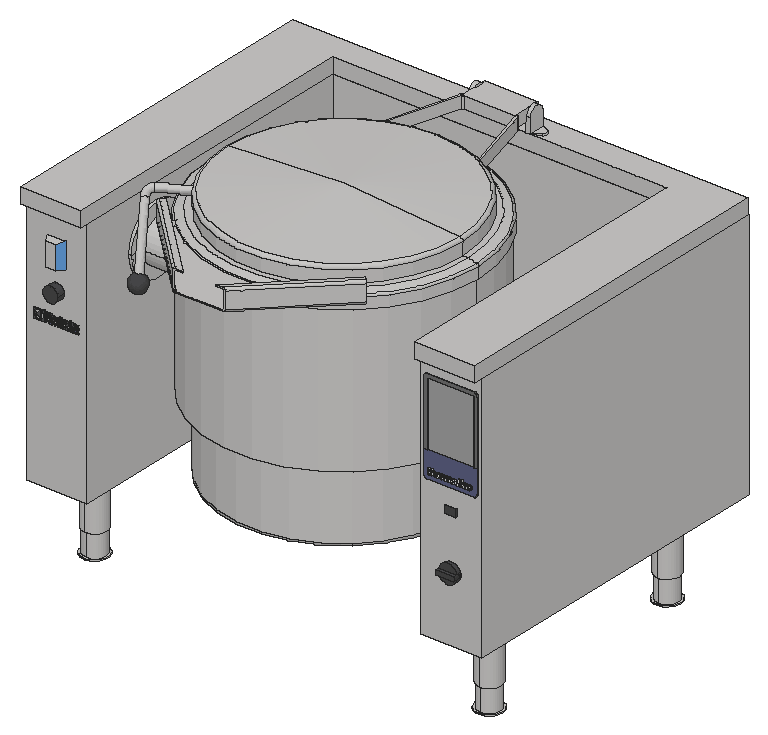
Revit family "QF_ELECTROLUXPROFESSIONAL_587158_PBOT10RCIO", category Attrezzature speciali, Revit 2020 (continued)
Definition of nested family "QF_ELECTROLUXPROFESSIONAL_PBOT900_LEFT"
  Automatic sketch dimensions
    Extrusion 5 sketch curve to plane 10 "TOP" = 290.598 mm
    Extrusion 5 sketch curve to Extrusion 5 sketch curve = 1.476 mm
    Extrusion 5 sketch curve to plane 10 "TOP" = 294.635 mm
    Extrusion 5 sketch curve to Extrusion 5 sketch curve = 1.469 mm
    Extrusion 5 sketch curve to Extrusion 5 sketch curve = 3.728 mm
    Extrusion 5 sketch curve to Extrusion 5 sketch curve = 0.046 mm
    Extrusion 5 sketch curve to Extrusion 5 sketch curve = 0.177 mm
    Extrusion 5 sketch curve to Extrusion 5 sketch curve = 0.947 mm
    Extrusion 5 sketch curve to Extrusion 5 sketch curve = 0.308 mm
    Extrusion 5 sketch curve to Extrusion 5 sketch curve = 0.091 mm
    Extrusion 5 sketch curve to Extrusion 5 sketch curve = 2.375 mm
    Extrusion 5 sketch curve to Extrusion 5 sketch curve = 0.94 mm
    Extrusion 5 sketch curve to Extrusion 5 sketch curve = 0.54 mm
    Extrusion 5 sketch curve to Extrusion 5 sketch curve = 0.102 mm
    Extrusion 5 sketch curve to Extrusion 5 sketch curve = 0.002 mm  (x4)
    Extrusion 5 sketch curve to Extrusion 5 sketch curve = 0.105 mm
    Extrusion 5 sketch curve to Extrusion 5 sketch curve = 0.097 mm
    Extrusion 5 sketch curve to Extrusion 5 sketch curve = 3.982 mm
    Extrusion 5 sketch curve to Extrusion 5 sketch curve = 0.17 mm
    Extrusion 5 sketch curve to Extrusion 5 sketch curve = 6.49 mm
    Extrusion 5 sketch curve to Extrusion 5 sketch curve = 1.777 mm
    Extrusion 5 sketch curve to plane 10 "TOP" = 296.072 mm
    Extrusion 5 sketch curve to Extrusion 5 sketch curve = 0.63 mm
    Extrusion 5 sketch curve to Extrusion 5 sketch curve = 1.001 mm
    Extrusion 5 sketch curve to plane 10 "TOP" = 294.678 mm
    Extrusion 5 sketch curve to Extrusion 5 sketch curve = 1.393 mm
    Extrusion 5 sketch curve to Extrusion 5 sketch curve = 2.363 mm
    Extrusion 5 sketch curve to Extrusion 5 sketch curve = 2.253 mm
    Extrusion 5 sketch curve to Extrusion 5 sketch curve = 0.014 mm  (x4)
    Extrusion 5 sketch curve to Extrusion 5 sketch curve = 0.172 mm
    Extrusion 5 sketch curve to Extrusion 5 sketch curve = 0.096 mm
    Extrusion 5 sketch curve to Extrusion 5 sketch curve = 0.164 mm
    Extrusion 5 sketch curve to Extrusion 5 sketch curve = 0.298 mm
    Extrusion 5 sketch curve to Extrusion 5 sketch curve = 0.247 mm
    Extrusion 5 sketch curve to Extrusion 5 sketch curve = 0.084 mm
    Extrusion 5 sketch curve to Extrusion 5 sketch curve = 6.484 mm
    Extrusion 5 sketch curve to Extrusion 5 sketch curve = 2.596 mm
    Extrusion 5 sketch curve to Extrusion 5 sketch curve = 0.059 mm  (x2)
    Extrusion 5 sketch curve to Extrusion 5 sketch curve = 3.889 mm
    Extrusion 5 sketch curve to plane 10 "TOP" = 307.979 mm
    Extrusion 5 sketch curve to Extrusion 5 sketch curve = 6.029 mm
    Extrusion 5 sketch curve to plane 10 "TOP" = 305.988 mm
    Extrusion 5 sketch curve to Extrusion 5 sketch curve = 0.929 mm
    Extrusion 5 sketch curve to Extrusion 5 sketch curve = 1.102 mm
    Extrusion 5 sketch curve to Extrusion 5 sketch curve = 0.756 mm  (x2)
    Extrusion 5 sketch curve to plane 10 "TOP" = 306.353 mm
    Extrusion 5 sketch curve to Extrusion 5 sketch curve = 0.852 mm
    Extrusion 5 sketch curve to Extrusion 5 sketch curve = 0.108 mm
    Extrusion 5 sketch curve to Extrusion 5 sketch curve = 0.101 mm
    Extrusion 5 sketch curve to Extrusion 5 sketch curve = 0.072 mm
    Extrusion 5 sketch curve to Extrusion 5 sketch curve = 1.67 mm
    Extrusion 5 sketch curve to Extrusion 5 sketch curve = 1.834 mm
    Extrusion 5 sketch curve to Extrusion 5 sketch curve = 0.366 mm
    Extrusion 5 sketch curve to Extrusion 5 sketch curve = 0.993 mm
    Extrusion 5 sketch curve to Extrusion 5 sketch curve = 0.81 mm
    Extrusion 5 sketch curve to Extrusion 5 sketch curve = 1.026 mm  (x2)
    Extrusion 5 sketch curve to Extrusion 5 sketch curve = 4.272 mm
    Extrusion 5 sketch curve to Extrusion 5 sketch curve = 0.163 mm
    Extrusion 5 sketch curve to Extrusion 5 sketch curve = 0.551 mm
    Extrusion 5 sketch curve to Extrusion 5 sketch curve = 6.11 mm
    Extrusion 5 sketch curve to Extrusion 5 sketch curve = 1.451 mm
    Extrusion 5 sketch curve to Extrusion 5 sketch curve = 5.217 mm
    Extrusion 5 sketch curve to Extrusion 5 sketch curve = 0.045 mm  (x2)
    Extrusion 5 sketch curve to Extrusion 5 sketch curve = 0.241 mm
    Extrusion 5 sketch curve to Extrusion 5 sketch curve = 0.039 mm
    Extrusion 5 sketch curve to Extrusion 5 sketch curve = 1.134 mm
    Extrusion 5 sketch curve to Extrusion 5 sketch curve = 2.351 mm
    Extrusion 5 sketch curve to Extrusion 5 sketch curve = 3.993 mm
    Extrusion 5 sketch curve to Extrusion 5 sketch curve = 10.128 mm
    Extrusion 5 sketch curve to Extrusion 5 sketch curve = 0.956 mm
    Extrusion 5 sketch curve to Extrusion 5 sketch curve = 1.263 mm
    Extrusion 5 sketch curve to Extrusion 5 sketch curve = 2.577 mm
    Extrusion 5 sketch curve to Extrusion 5 sketch curve = 0.243 mm
    Extrusion 5 sketch curve to Extrusion 5 sketch curve = 0.031 mm
    Extrusion 5 sketch curve to Extrusion 5 sketch curve = 7.148 mm
    Extrusion 5 sketch curve to Extrusion 5 sketch curve = 1.502 mm
    Extrusion 5 sketch curve to Extrusion 5 sketch curve = 11.54 mm
    Extrusion 5 sketch curve to Extrusion 5 sketch curve = 11.758 mm
    Extrusion 5 sketch curve to Extrusion 5 sketch curve = 4.097 mm
    Extrusion 5 sketch curve to Extrusion 5 sketch curve = 0.011 mm
    Extrusion 5 sketch curve to Extrusion 5 sketch curve = 4.488 mm
    Extrusion 5 sketch curve to Extrusion 5 sketch curve = 11.908 mm
    Extrusion 5 sketch curve to Extrusion 5 sketch curve = 2.236 mm
    Extrusion 5 sketch curve to Extrusion 5 sketch curve = 0.22 mm
    Extrusion 5 sketch curve to Extrusion 5 sketch curve = 0.319 mm
    Extrusion 5 sketch curve to Extrusion 5 sketch curve = 1.192 mm
    Extrusion 5 sketch curve to Extrusion 5 sketch curve = 3.577 mm  (x2)
    Extrusion 5 sketch curve to Extrusion 5 sketch curve = 3.444 mm  (x2)
    Extrusion 5 sketch curve to Extrusion 5 sketch curve = 1.626 mm  (x2)
    Extrusion 5 sketch curve to Extrusion 5 sketch curve = 2.021 mm
    Extrusion 5 sketch curve to Extrusion 5 sketch curve = 2.967 mm
    Extrusion 5 sketch curve to Extrusion 5 sketch curve = 1.22 mm
    Extrusion 5 sketch curve to Extrusion 5 sketch curve = 3.412 mm
    Extrusion 5 sketch curve to Extrusion 5 sketch curve = 0.892 mm  (x3)
    Extrusion 5 sketch curve to Extrusion 5 sketch curve = 0.58 mm  (x2)
    Extrusion 5 sketch curve to Extrusion 5 sketch curve = 2.117 mm
    Extrusion 5 sketch curve to Extrusion 5 sketch curve = 0.295 mm  (x2)
    Extrusion 5 sketch curve to Extrusion 5 sketch curve = 0.618 mm
    Extrusion 5 sketch curve to Extrusion 5 sketch curve = 1.65 mm
    Extrusion 5 sketch curve to Extrusion 5 sketch curve = 1.662 mm
    Extrusion 5 sketch curve to Extrusion 5 sketch curve = 0.013 mm  (x2)
    Extrusion 5 sketch curve to Extrusion 5 sketch curve = 0.292 mm
    Extrusion 5 sketch curve to Extrusion 5 sketch curve = 0.107 mm  (x2)
    Extrusion 5 sketch curve to Extrusion 5 sketch curve = 0.068 mm  (x2)
    Extrusion 5 sketch curve to Extrusion 5 sketch curve = 2.361 mm
    Extrusion 5 sketch curve to Extrusion 5 sketch curve = 2.359 mm
    Extrusion 5 sketch curve to Extrusion 5 sketch curve = 0.531 mm  (x2)
    Extrusion 5 sketch curve to Extrusion 5 sketch curve = 0.928 mm  (x2)
    Extrusion 5 sketch curve to Extrusion 5 sketch curve = 1.058 mm
    Extrusion 5 sketch curve to Extrusion 5 sketch curve = 0.297 mm  (x2)
    Extrusion 5 sketch curve to Extrusion 5 sketch curve = 0.155 mm  (x2)
    Extrusion 5 sketch curve to Extrusion 5 sketch curve = 0.182 mm  (x2)
    Extrusion 5 sketch curve to Extrusion 5 sketch curve = 0.607 mm  (x2)
    Extrusion 5 sketch curve to Extrusion 5 sketch curve = 0.372 mm  (x2)
    Extrusion 5 sketch curve to Extrusion 5 sketch curve = 0.016 mm  (x2)
    Extrusion 5 sketch curve to Extrusion 5 sketch curve = 0.996 mm
    Extrusion 5 sketch curve to Extrusion 5 sketch curve = 0.93 mm
    Extrusion 5 sketch curve to Extrusion 5 sketch curve = 0.709 mm  (x2)
    Extrusion 5 sketch curve to Extrusion 5 sketch curve = 1.017 mm
    Extrusion 5 sketch curve to Extrusion 5 sketch curve = 4.718 mm
    Extrusion 5 sketch curve to Extrusion 5 sketch curve = 0.891 mm
    Extrusion 5 sketch curve to Extrusion 5 sketch curve = 3.826 mm
    Extrusion 5 sketch curve to Extrusion 5 sketch curve = 0.954 mm
    Extrusion 5 sketch curve to Extrusion 5 sketch curve = 5.576 mm
    Extrusion 5 sketch curve to Extrusion 5 sketch curve = 5.661 mm  (x2)
    Extrusion 5 sketch curve to Extrusion 5 sketch curve = 0.006 mm
    Extrusion 5 sketch curve to Extrusion 5 sketch curve = 2.203 mm
    Extrusion 5 sketch curve to Extrusion 5 sketch curve = 2.21 mm
    Extrusion 5 sketch curve to Extrusion 5 sketch curve = 1.607 mm
    Extrusion 5 sketch curve to Extrusion 5 sketch curve = 3.92 mm
    Extrusion 5 sketch curve to Extrusion 5 sketch curve = 0.05 mm
    Extrusion 5 sketch curve to Extrusion 5 sketch curve = 1.776 mm
    Extrusion 5 sketch curve to Extrusion 5 sketch curve = 4.017 mm
    Extrusion 5 sketch curve to Extrusion 5 sketch curve = 0.196 mm  (x2)
    Extrusion 5 sketch curve to Extrusion 5 sketch curve = 0.19 mm
    Extrusion 5 sketch curve to Extrusion 5 sketch curve = 1.312 mm
    Extrusion 5 sketch curve to Extrusion 5 sketch curve = 0.146 mm
    Extrusion 5 sketch curve to Extrusion 5 sketch curve = 2.831 mm
    Extrusion 5 sketch curve to Extrusion 5 sketch curve = 0.387 mm
    Extrusion 5 sketch curve to Extrusion 5 sketch curve = 0.174 mm
    Extrusion 5 sketch curve to Extrusion 5 sketch curve = 4.623 mm
    Extrusion 5 sketch curve to Extrusion 5 sketch curve = 1.754 mm
    Extrusion 5 sketch curve to Extrusion 5 sketch curve = 0.188 mm
    Extrusion 5 sketch curve to Extrusion 5 sketch curve = 0.02 mm
    Extrusion 5 sketch curve to Extrusion 5 sketch curve = 0.313 mm
    Extrusion 5 sketch curve to Extrusion 5 sketch curve = 0.12 mm
    Extrusion 5 sketch curve to Extrusion 5 sketch curve = 0.062 mm
    Extrusion 5 sketch curve to Extrusion 5 sketch curve = 0.568 mm
    Extrusion 5 sketch curve to Extrusion 5 sketch curve = 0.095 mm
    Extrusion 5 sketch curve to Extrusion 5 sketch curve = 0.357 mm
    Extrusion 5 sketch curve to Extrusion 5 sketch curve = 0.008 mm
    Extrusion 5 sketch curve to Extrusion 5 sketch curve = 0.36 mm
    Extrusion 5 sketch curve to Extrusion 5 sketch curve = 3.784 mm
    Extrusion 5 sketch curve to Extrusion 5 sketch curve = 1.654 mm
    Extrusion 5 sketch curve to Extrusion 5 sketch curve = 1.454 mm
    Extrusion 5 sketch curve to Extrusion 5 sketch curve = 3.429 mm
    Extrusion 5 sketch curve to Extrusion 5 sketch curve = 1.094 mm
    Extrusion 5 sketch curve to Extrusion 5 sketch curve = 2.218 mm
    Extrusion 5 sketch curve to Extrusion 5 sketch curve = 1.404 mm
    Extrusion 5 sketch curve to Extrusion 5 sketch curve = 5.959 mm
    Extrusion 5 sketch curve to Extrusion 5 sketch curve = 1.424 mm
    Extrusion 5 sketch curve to Extrusion 5 sketch curve = 3.23 mm
    Extrusion 5 sketch curve to Extrusion 5 sketch curve = 1.975 mm
    Extrusion 5 sketch curve to Extrusion 5 sketch curve = 3.779 mm
    Extrusion 5 sketch curve to Extrusion 5 sketch curve = 2.212 mm
    Extrusion 5 sketch curve to Extrusion 5 sketch curve = 3.78 mm
    Extrusion 5 sketch curve to Extrusion 5 sketch curve = 1.279 mm
    Extrusion 5 sketch curve to Extrusion 5 sketch curve = 1.343 mm  (x2)
    Extrusion 5 sketch curve to Extrusion 5 sketch curve = 1.353 mm  (x2)
    Extrusion 5 sketch curve to Extrusion 5 sketch curve = 0.027 mm  (x2)
    Extrusion 5 sketch curve to Extrusion 5 sketch curve = 0.395 mm  (x2)
    Extrusion 5 sketch curve to Extrusion 5 sketch curve = 0.329 mm  (x2)
    Extrusion 5 sketch curve to Extrusion 5 sketch curve = 0.425 mm  (x2)
    Extrusion 5 sketch curve to Extrusion 5 sketch curve = 0.051 mm  (x2)
    Extrusion 5 sketch curve to Extrusion 5 sketch curve = 0.495 mm  (x2)
    Extrusion 5 sketch curve to Extrusion 5 sketch curve = 0.267 mm  (x2)
    Extrusion 5 sketch curve to Extrusion 5 sketch curve = 1.4 mm
    Extrusion 5 sketch curve to Extrusion 5 sketch curve = 5.233 mm
    Extrusion 5 sketch curve to Extrusion 5 sketch curve = 2.062 mm
    Extrusion 6 sketch curve to plane 13 "HW_CW" = 0.0 mm  (x2)
    Extrusion 6 sketch curve to plane 15 = 0.0 mm
    Extrusion 6 sketch curve to plane 14 = 0.0 mm
    radius of Extrusion 2 sketch curve = 20.0 mm
    radius of Extrusion 3 sketch curve = 6.35 mm  (x2)
    radius of Extrusion 5 sketch curve = 2.453 mm
    radius of Extrusion 5 sketch curve = 1.557 mm
    radius of Extrusion 5 sketch curve = 1.468 mm
    radius of Extrusion 5 sketch curve = 2.451 mm
    radius of Extrusion 6 sketch curve = 5.0 mm  (x2)
Definition of nested family "QF_ELECTROLUXPROFESSIONAL_PBOT900_RIGHT"
  Parameters
    Width = 160.0 mm
    Right = Width / 2  # 80.0 mm
    Default Elevation = 0.0 mm
    Left = -Width / 2  # -80.0 mm
    Htop = 40.0 mm
    Height = 900.0 mm
    HBase = 200.0 mm
    EI_z = 250.0 mm
    EI_y = 239.0 mm
    Depth = 900.0 mm
    BorderFront = 20.0 mm
    Body Finish [instance] = none
  Reference planes
    plane 1 "Center (Front/Back)": y = 0
    plane 2: z = 0
    plane 3 "Center (Left/Right)": x = 0
    plane 4 "LEFT": x = -80
    plane 5 "RIGHT": x = 80
    plane 6 "BACK": y = 450
    plane 7 "FRONT": y = -450
    plane 8 "Base": z = 200
    plane 9 "TOP": z = 900
    plane 10 "BorderFront": y = -430
    plane 11: z = 860
    plane 12 "EI": z = 450
    plane 13: y = 211
  Forms (mm)
    Extrusion 1, solid
      sketch origin (0, 0, 0) x (1, 0, 0) y (0, 1, 0)
        loop
          line (-80, 450) -> (-80, -430) -> (80, -430) -> (80, 450) -> (-80, 450)
      from 860 to 200
    Extrusion 2, solid
      sketch origin (0, -430, 0) x (-1, 0, 0) y (0, 0, 1)
        loop
          line (59.714, 823.989) -> (-61.821, 823.989)
          arc (-61.821, 823.989) -> (-68.892, 821.06) -> (-71.821, 813.989) r 10
          line (-71.821, 813.989) -> (-71.821, 644.744) -> (-61.821, 644.744) -> (-61.821, 813.989) -> (59.714, 813.989) -> (59.714, 644.744) -> (69.714, 644.744) -> (69.714, 813.989)
          arc (69.714, 813.989) -> (66.786, 821.06) -> (59.714, 823.989) r 10
      from 0 to -3
    Extrusion 3, solid
      sketch origin (0, -430, 0) x (-1, 0, 0) y (0, 0, 1)
        loop
          circle (0, 375.28) r 25
      from 0 to -10
    Extrusion 4, solid
      sketch origin (0, -430, 0) x (-1, 0, 0) y (0, 0, 1)
        loop
          line (24.382, 380.806) -> (-24.382, 380.806)
          arc (-24.382, 380.806) -> (-25, 375.28) -> (-24.382, 369.753) r 25
          line (-24.382, 369.753) -> (24.382, 369.753)
          arc (24.382, 369.753) -> (25, 375.28) -> (24.382, 380.806) r 25
      from 0 to -20
    Extrusion 5, solid
      sketch origin (0, -430, 0) x (-1, 0, 0) y (0, 0, 1)
        loop
          line (69.714, 585) -> (69.714, 644.744) -> (-71.821, 644.744) -> (-71.821, 585)
          arc (-71.821, 585) -> (-68.892, 577.929) -> (-61.821, 575) r 10
          line (-61.821, 575) -> (59.714, 575)
          arc (59.714, 575) -> (66.786, 577.929) -> (69.714, 585) r 10
      from -3 to 0
    Extrusion 6, solid
      sketch origin (234.714, -430, 0) x (-1, 0, 0) y (0, 0, 1)
        loop
          line (294.429, 813.989) -> (172.894, 813.989) -> (172.894, 644.744) -> (294.429, 644.744) -> (294.429, 813.989)
      from 0 to -3
    Extrusion 7, solid
      sketch origin (0, -430, 0) x (-1, 0, 0) y (0, 0, 1)
        loop
          line (15, 530) -> (-15, 530) -> (-15, 510) -> (15, 510) -> (15, 530)
      from -1.6 to 0
    Extrusion 8, solid
      sketch origin (0, 450, 0) x (-1, 0, 0) y (0, 0, 1)
        loop
          circle (0, 450) r 5
      from 0 to 2
    Extrusion 9, solid
      sketch origin (0, 0, 200) x (0, 1, 0) y (-1, 0, 0)
        loop
          circle (211, 0) r 10
      from 0 to -3
  Lines and regions (mm)
    symbolic lines
      curve 1: line (-80, 450, 0) -> (80, 450, 0)
      curve 2: line (80, 450, 0) -> (80, -430, 0)
  Dimensions and locks
    "Width": plane 4 "LEFT" to plane 5 "RIGHT"
    equal spacing: plane 4 "LEFT", plane 3 "Center (Left/Right)", plane 5 "RIGHT"
    equal spacing: plane 6 "BACK", plane 1 "Center (Front/Back)", plane 7 "FRONT"
    "Depth": plane 6 "BACK" to plane 7 "FRONT"
    "BorderFront": plane 10 "BorderFront" to plane 7 "FRONT"
    "Htop": plane 9 "TOP" to plane 11
    "Height": plane 9 "TOP" to level
    "HBase": plane 8 "Base" to level
    Extrusion 4 sketch curve to Extrusion 4 sketch curve = 11.053 mm
    "EI_y": plane 6 "BACK" to plane 13
    "EI_z": plane 12 "EI" to plane 8 "Base"
    aligned and locked: level to plane 2
    aligned and locked: plane 10 "BorderFront" to Extrusion 1 sketch curve
    aligned and locked: plane 11 to Extrusion 1
    aligned and locked: Extrusion 1 to plane 8 "Base"
    aligned and locked: plane 4 "LEFT" to Extrusion 1 sketch curve
    aligned and locked: Extrusion 1 sketch curve to plane 5 "RIGHT"
    aligned and locked: Extrusion 1 sketch curve to plane 6 "BACK"
  Automatic sketch dimensions
    Extrusion 3 sketch curve to plane 3 "Center (Left/Right)" = 0.0 mm
    plane 8 "Base" to Extrusion 3 sketch curve = 175.28 mm
    Extrusion 4 sketch curve to Extrusion 4 sketch curve = 0.0 mm  (x3)
    Extrusion 4 sketch curve to plane 3 "Center (Left/Right)" = 0.0 mm
    plane 3 "Center (Left/Right)" to Extrusion 4 sketch curve = 24.382 mm
    Extrusion 4 sketch curve to plane 3 "Center (Left/Right)" = 24.382 mm
    plane 8 "Base" to Extrusion 4 sketch curve = 169.753 mm
    Extrusion 2 sketch curve to plane 5 "RIGHT" = 8.179 mm
    Extrusion 2 sketch curve to Extrusion 2 sketch curve = 10.0 mm  (x2)
    Extrusion 2 sketch curve to Extrusion 2 sketch curve = 0.0 mm  (x4)
    plane 4 "LEFT" to Extrusion 2 sketch curve = 20.286 mm
    Extrusion 2 sketch curve to plane 11 = 215.256 mm
    Extrusion 2 sketch curve to plane 11 = 46.011 mm
    Extrusion 5 sketch curve to plane 5 "RIGHT" = 8.179 mm
    plane 4 "LEFT" to Extrusion 5 sketch curve = 20.286 mm
    plane 4 "LEFT" to Extrusion 5 sketch curve = 10.286 mm
    Extrusion 5 sketch curve to plane 11 = 285.0 mm
    Extrusion 5 sketch curve to Extrusion 5 sketch curve = 59.744 mm
    Extrusion 5 sketch curve to Extrusion 5 sketch curve = 10.0 mm
    plane 4 "LEFT" to Extrusion 6 sketch curve = 20.286 mm
    Extrusion 6 sketch curve to plane 11 = 46.011 mm
    Extrusion 6 sketch curve to plane 5 "RIGHT" = 18.179 mm
    Extrusion 6 sketch curve to Extrusion 6 sketch curve = 169.244 mm
    Extrusion 8 sketch curve to plane 3 "Center (Left/Right)" = 0.0 mm
    Extrusion 8 sketch curve to plane 12 "EI" = 0.0 mm
    curve 1 to plane 4 "LEFT" = 0.0 mm
    curve 1 to plane 5 "RIGHT" = 0.0 mm
    curve 2 to plane 10 "BorderFront" = 0.0 mm
    curve 1 to plane 6 "BACK" = 0.0 mm
    plane 3 "Center (Left/Right)" to Extrusion 7 sketch curve = 15.0 mm
    Extrusion 7 sketch curve to plane 3 "Center (Left/Right)" = 15.0 mm
    plane 12 "EI" to Extrusion 7 sketch curve = 60.0 mm
    Extrusion 7 sketch curve to Extrusion 7 sketch curve = 20.0 mm
    Extrusion 9 sketch curve to plane 3 "Center (Left/Right)" = 0.0 mm
    Extrusion 9 sketch curve to plane 13 = 0.0 mm
    radius of Extrusion 3 sketch curve = 25.0 mm
    radius of Extrusion 8 sketch curve = 5.0 mm
    radius of Extrusion 9 sketch curve = 10.0 mm
  Nested families
    nested 1: "ELX_ThermaLine" at (-0.906, -433, 593.675) x (1, 0, 0) z (0, -1, 0), type "ELX_ThermaLine"
      with Show Logo yes, Material_Logo none
  Definition of nested family "ELX_ThermaLine"
    Parameters
      Show Logo [instance] = yes
      Material_Logo [instance] = none
      Default Elevation = 0.0 mm
    Reference planes
      plane 1 "Centro (Fronte/Retro)": y = 0
      plane 2: z = 0
      plane 3 "Centro (Sinistra/Destra)": x = 0
    Forms (mm)
      Extrusion 1, solid
        sketch origin (0, 0, 0) x (1, 0, 0) y (0, 1, 0)
          loop
            line (-1219.2, 1219.2) -> (-1219.2, -1219.2) -> (1219.2, -1219.2) -> (1219.2, 1219.2) -> (-1219.2, 1219.2)
        from 0 to -304.8
      Extrusion 2, solid
        sketch origin (0, 0, 0) x (1, 0, 0) y (0, 1, 0)
          loop
            line (-52.84, 4.345) -> (-50.793, 4.345) -> (-50.793, 6.716) -> (-52.84, 6.716) -> (-52.84, 10.788) -> (-55.901, 9.058) -> (-55.901, 6.716) -> (-57.324, 6.716) -> (-57.324, 4.345) -> (-55.901, 4.345) -> (-55.901, -1.637)
            arc (-55.901, -1.637) -> (-54.76, -4.355) -> (-51.88, -4.985) r 3.198
            line (-51.88, -4.985) -> (-50.444, -4.597) -> (-50.782, -2.189) -> (-51.765, -2.453)
            arc (-51.765, -2.453) -> (-52.506, -2.305) -> (-52.84, -1.628) r 0.854
            line (-52.84, -1.628) -> (-52.84, 4.345)
          loop
            line (-48.642, 11.198) -> (-48.642, -4.787) -> (-45.561, -4.787) -> (-45.561, 2.659)
            arc (-45.561, 2.659) -> (-44.379, 4.372) -> (-42.304, 4.523) r 2.408
            arc (-42.304, 4.523) -> (-41.484, 3.75) -> (-41.182, 2.665) r 2.099
            line (-41.182, 2.665) -> (-41.182, -4.787) -> (-38.117, -4.787) -> (-38.088, 2.166)
            arc (-38.088, 2.166) -> (-38.343, 3.963) -> (-39.021, 5.646) r 7.517
            arc (-39.021, 5.646) -> (-42.369, 6.971) -> (-45.561, 5.303) r 4.327
            line (-45.561, 5.303) -> (-45.561, 11.198) -> (-48.642, 11.198)
          loop
            arc (-28.196, 1.988) -> (-28.834, 3.893) -> (-30.683, 4.679) r 2.449
            arc (-30.683, 4.679) -> (-32.149, 3.674) -> (-32.711, 1.988) r 2.793
            line (-32.711, 1.988) -> (-28.196, 1.988)
          loop
            arc (-25.128, 0.121) -> (-26.074, 4.342) -> (-29.545, 6.923) r 6.212
            arc (-29.545, 6.923) -> (-33.021, 6.358) -> (-35.352, 3.718) r 5.232
            arc (-35.352, 3.718) -> (-35.918, 1.148) -> (-35.633, -1.468) r 8.117
            arc (-35.633, -1.468) -> (-34.524, -3.319) -> (-32.789, -4.603) r 5.523
            arc (-32.789, -4.603) -> (-28.402, -4.744) -> (-25.297, -1.641) r 5.523
            line (-25.297, -1.641) -> (-28.327, -1.106)
            arc (-28.327, -1.106) -> (-29.324, -2.396) -> (-30.951, -2.501) r 1.982
            arc (-30.951, -2.501) -> (-32.276, -1.475) -> (-32.789, 0.121) r 2.835
            line (-32.789, 0.121) -> (-25.128, 0.121)
          loop
            line (-22.733, -4.787) -> (-19.705, -4.787) -> (-19.705, 0)
            arc (-19.705, 0) -> (-19.663, 1.267) -> (-19.469, 2.521) r 10.557
            arc (-19.469, 2.521) -> (-18.189, 4.014) -> (-16.237, 3.761) r 2.069
            line (-16.237, 3.761) -> (-15.318, 6.433)
            arc (-15.318, 6.433) -> (-17.915, 6.783) -> (-19.931, 5.11) r 3.262
            line (-19.931, 5.11) -> (-19.931, 6.752) -> (-22.733, 6.752) -> (-22.733, -4.787)
          loop
            line (-14.233, 6.752) -> (-14.233, -4.787) -> (-11.135, -4.787) -> (-11.135, 1.783)
            arc (-11.135, 1.783) -> (-10.552, 3.635) -> (-8.862, 4.59) r 2.646
            arc (-8.862, 4.59) -> (-7.677, 3.931) -> (-7.234, 2.65) r 1.899
            line (-7.234, 2.65) -> (-7.234, -4.787) -> (-4.155, -4.787) -> (-4.155, 1.467)
            arc (-4.155, 1.467) -> (-3.845, 2.923) -> (-2.97, 4.128) r 3.581
            arc (-2.97, 4.128) -> (-1.581, 4.474) -> (-0.516, 3.516) r 1.525
            arc (-0.516, 3.516) -> (-0.324, 2.735) -> (-0.304, 1.931) r 3.735
            line (-0.304, 1.931) -> (-0.304, -4.787) -> (2.776, -4.787) -> (2.776, 3.096)
            arc (2.776, 3.096) -> (1.833, 5.68) -> (-0.612, 6.942) r 3.784
            arc (-0.612, 6.942) -> (-2.795, 6.596) -> (-4.513, 5.205) r 4.271
            arc (-4.513, 5.205) -> (-5.893, 6.457) -> (-7.686, 6.964) r 4.079
            arc (-7.686, 6.964) -> (-9.75, 6.555) -> (-11.39, 5.237) r 4.412
            line (-11.39, 5.237) -> (-11.39, 6.752) -> (-14.233, 6.752)
          loop
            line (5.334, 3.712) -> (8.069, 3.23)
            arc (8.069, 3.23) -> (10.312, 4.685) -> (12.137, 2.73) r 2.082
            line (12.137, 2.73) -> (8.171, 1.741)
            arc (8.171, 1.741) -> (6.593, 1.022) -> (5.378, -0.215) r 4.758
            arc (5.378, -0.215) -> (5.225, -1.991) -> (5.744, -3.697) r 4.711
            arc (5.744, -3.697) -> (7.301, -4.682) -> (9.118, -4.992) r 4.691
            arc (9.118, -4.992) -> (10.903, -4.593) -> (12.411, -3.558) r 4.818
            line (12.411, -3.558) -> (12.81, -4.787) -> (15.873, -4.787) -> (15.179, -2.652) -> (15.179, 3.25)
            arc (15.179, 3.25) -> (14.773, 5.146) -> (13.38, 6.496) r 3.336
            arc (13.38, 6.496) -> (10.765, 7.201) -> (8.091, 6.773) r 6.459
            arc (8.091, 6.773) -> (6.348, 5.57) -> (5.334, 3.712) r 4.569
          loop
            line (21.001, -4.787) -> (24.24, -4.787) -> (27.623, 11.127) -> (24.384, 11.127) -> (21.001, -4.787)
          loop
            line (27.273, -4.787) -> (30.332, -4.787) -> (32.777, 6.716) -> (29.718, 6.716) -> (27.273, -4.787)
          loop
            line (30.656, 11.127) -> (30.058, 8.314) -> (33.117, 8.314) -> (33.715, 11.127) -> (30.656, 11.127)
          loop
            line (33.431, -4.787) -> (36.649, -4.787) -> (38.261, 2.796)
            arc (38.261, 2.796) -> (39.644, 4.445) -> (41.791, 4.594) r 2.751
            arc (41.791, 4.594) -> (42.425, 3.729) -> (42.502, 2.659) r 1.936
            line (42.502, 2.659) -> (40.919, -4.787) -> (43.989, -4.787) -> (45.795, 3.712)
            arc (45.795, 3.712) -> (45.588, 5.458) -> (44.361, 6.716) r 2.734
            arc (44.361, 6.716) -> (41.222, 6.857) -> (38.516, 5.259) r 5.512
            line (38.516, 5.259) -> (38.826, 6.716) -> (35.876, 6.716) -> (33.431, -4.787)
          loop
            line (50.773, 1.934) -> (55.672, 1.934)
            arc (55.672, 1.934) -> (55.737, 2.919) -> (55.334, 3.821) r 2.051
            arc (55.334, 3.821) -> (53.773, 4.722) -> (52.024, 4.287) r 2.407
            arc (52.024, 4.287) -> (51.223, 3.203) -> (50.773, 1.934) r 4.566
          loop
            line (50.479, 0) -> (58.259, 0)
            arc (58.259, 0) -> (58.241, 3.53) -> (56.181, 6.396) r 5.8
            arc (56.181, 6.396) -> (52.577, 6.992) -> (49.395, 5.199) r 5.498
            arc (49.395, 5.199) -> (47.819, 2.372) -> (47.536, -0.853) r 7.747
            arc (47.536, -0.853) -> (48.406, -3.006) -> (50.236, -4.437) r 4.494
            arc (50.236, -4.437) -> (52.672, -4.934) -> (55.109, -4.437) r 6.224
            arc (55.109, -4.437) -> (56.76, -3.346) -> (57.916, -1.739) r 5.478
            line (57.916, -1.739) -> (55.129, -1.247)
            arc (55.129, -1.247) -> (53.897, -2.495) -> (52.149, -2.637) r 2.52
            arc (52.149, -2.637) -> (50.809, -1.638) -> (50.479, 0) r 2.336
          loop
            line (12.154, 0.755) -> (8.732, -0.098)
            arc (8.732, -0.098) -> (8.126, -1.288) -> (8.732, -2.478) r 1.471
            arc (8.732, -2.478) -> (10.437, -2.725) -> (11.827, -1.706) r 2.276
            arc (11.827, -1.706) -> (12.142, -0.496) -> (12.154, 0.755) r 5.123
        from 0 to 1.6
    Dimensions and locks
      aligned and locked: plane 2 to Extrusion 1
      aligned and locked: level to Extrusion 1
Definition of nested family "QF_ELECTROLUXPROFESSIONAL_2FEET_THL_120xH200"
  Parameters
    Width = 120.0 mm
    Right = Width / 2  # 60.0 mm
    Default Elevation = 0.0 mm
    Left = -Width / 2  # -60.0 mm
    Height = 200.0 mm
    HBase = Height - 15.0 mm  # 185.0 mm
    Depth = 880.0 mm
  Reference planes
    plane 1 "Center (Front/Back)": y = 0
    plane 2: z = 0
    plane 3 "Center (Left/Right)": x = 0
    plane 4 "LEFT": x = -60
    plane 5 "RIGHT": x = 60
    plane 6 "BACK": y = 440
    plane 7 "FRONT": y = -440
    plane 8 "Base": z = 185
    plane 9 "TOP": z = 200
    plane 10: y = 283
    plane 11: y = -304
    plane 12: y = 368
    plane 13: y = -388
    plane 14: x = -80
  Forms (mm)
    Extrusion 1, solid
      sketch origin (0, 0, 200) x (0, 1, 0) y (-1, 0, 0)
        loop
          line (368, 60) -> (-388, 60) -> (-388, -60) -> (368, -60) -> (368, 60)
      from 0 to -15
    Revolve 2, solid
      sketch origin (0, 0, 0) x (0, 1, 0) y (0, 0, 1)
        loop
          line (283, 0) -> (318, 0) -> (318, 2) -> (311.179, 2) -> (311.179, 63) -> (314.75, 63) -> (314.75, 185) -> (283, 185) -> (283, 0)
        axis (283, 185) -> (283, 0)
      angle from 0 to 360
    Revolve 3, solid
      sketch origin (0, 0, 0) x (0, 1, 0) y (0, 0, 1)
        loop
          line (-304, 185) -> (-304, 0) -> (-269, 0) -> (-269, 2) -> (-275.821, 2) -> (-275.821, 63) -> (-272.25, 63) -> (-272.25, 185) -> (-304, 185)
        axis (-304, 185) -> (-304, 0)
      angle from 0 to 360
  Dimensions and locks
    "Width": plane 4 "LEFT" to plane 5 "RIGHT"
    equal spacing: plane 4 "LEFT", plane 3 "Center (Left/Right)", plane 5 "RIGHT"
    equal spacing: plane 6 "BACK", plane 1 "Center (Front/Back)", plane 7 "FRONT"
    "Depth": plane 6 "BACK" to plane 7 "FRONT"
    "HBase": plane 8 "Base" to level
    "Height": plane 9 "TOP" to level
    locked: plane 6 "BACK" to plane 10 at 157
    locked: plane 10 to plane 11 at 587
    plane 6 "BACK" to plane 12 = 72.0 mm
    plane 13 to plane 7 "FRONT" = 52.0 mm
    plane 12 to plane 13 = 756.0 mm
    plane 14 to plane 3 "Center (Left/Right)" = 80.0 mm
    aligned and locked: level to plane 2
    aligned and locked: Extrusion 1 sketch curve to plane 5 "RIGHT"
    aligned and locked: plane 4 "LEFT" to Extrusion 1 sketch curve
    aligned and locked: Extrusion 1 to plane 8 "Base"
    aligned and locked: Extrusion 1 sketch curve to plane 12
    aligned and locked: plane 13 to Extrusion 1 sketch curve
  Automatic sketch dimensions
    Revolve 2 sketch curve to level = 0.0 mm
    Revolve 2 sketch curve to plane 10 = 0.0 mm  (x2)
    Revolve 2 sketch curve to plane 8 "Base" = 0.0 mm
    plane 10 to Revolve 2 sketch curve = 28.179 mm
    Revolve 2 sketch curve to Revolve 2 sketch curve = 31.75 mm
    Revolve 2 sketch curve to Revolve 2 sketch curve = 6.821 mm
    level to Revolve 2 sketch curve = 2.0 mm
    Revolve 2 sketch curve to Revolve 2 sketch curve = 61.0 mm
    Revolve 2 sketch curve to level = 50.0 mm
    plane 9 "TOP" to Revolve 2 sketch curve = 70.0 mm
    Revolve 3 sketch curve to plane 11 = 0.0 mm
    Revolve 3 sketch curve to level = 0.0 mm
    Revolve 3 sketch curve to plane 10 = 587.0 mm
    Revolve 3 sketch curve to plane 8 "Base" = 0.0 mm
    Revolve 3 sketch curve to plane 10 = 558.821 mm
    Revolve 3 sketch curve to Revolve 3 sketch curve = 3.571 mm
    Revolve 3 sketch curve to Revolve 3 sketch curve = 6.821 mm
    level to Revolve 3 sketch curve = 2.0 mm
    Revolve 3 sketch curve to Revolve 3 sketch curve = 61.0 mm
    Revolve 3 sketch curve to level = 180.0 mm
    plane 9 "TOP" to Revolve 3 sketch curve = 205.0 mm
Definition of nested family "QF_ELECTROLUXPROFESSIONAL_PBOT900_LEVEL1"
  Parameters
    Default Elevation = 0.0 mm
    Assembly Code = ""
  Reference planes
    plane 1 "Center (Front/Back)": y = 0
    plane 2: z = 0
    plane 3 "Center (Left/Right)": x = 0
  Forms (mm)
    Sweep 1, solid
      path origin (0, 0, 0) x (1, 0, 0) y (0, 0.5, 0.866025)
        loop
          line (0, 0) -> (-80, 0)
          arc (-80, 0) -> (-94.142, -5.858) -> (-100, -20) r 20
          line (-100, -20) -> (-100, -200)
      profile origin (-40, 0, 0) x (0, -0.5, -0.866025) y (0, -0.866025, 0.5)
        loop
          circle (0, 0) r 9
    Revolve 2, solid
      sketch origin (-20, 0, 0) x (1, 0, 0) y (0, 0.5, 0.866025)
        loop
          arc (-57.5, -200) -> (-80, -177.5) -> (-102.5, -200) r 22.5
          line (-102.5, -200) -> (-57.5, -200)
        axis (-102.5, -200) -> (-57.5, -200)
      angle from 0 to 360
  Lines and regions (mm)
    symbolic lines
      curve 1: line (0, -9, 0) -> (-80, -9, 0)
      curve 2: line (0, 9, 0) -> (-80, 9, 0)
      curve 3: line (-91, -80, 0) -> (-91, -15, 0)
      curve 4: line (-109, -80, 0) -> (-109, -10, 0)
      curve 5: arc (-109, -10, 0) -> (-97.335, 3.827, 0) -> (-80, 9, 0) r 31.632
      curve 6: arc (-91, -15, 0) -> (-86.265, -10.598, 0) -> (-80, -9, 0) r 13.083
      curve 7: spline (-77.953, -100, 0) -> (-78.704, -94.175, 0) -> (-80.907, -88.747, 0) -> (-84.41, -84.087, 0) -> (-88.977, -80.51, 0) -> (-94.294, -78.262, 0) -> (-100, -77.495, 0) -> (-105.706, -78.262, 0) -> (-111.023, -80.51, 0) -> (-115.59, -84.087, 0) -> (-119.093, -88.747, 0) -> (-121.296, -94.175, 0) -> (-122.047, -100, 0) -> (-121.296, -105.825, 0) -> (-119.093, -111.253, 0) -> (-115.59, -115.913, 0) -> (-111.023, -119.49, 0) -> (-105.706, -121.738, 0) -> (-100, -122.505, 0) -> (-94.294, -121.738, 0) -> (-88.977, -119.49, 0) -> (-84.41, -115.913, 0) -> (-80.907, -111.253, 0) -> (-78.704, -105.825, 0) -> (-77.953, -100, 0)
  Dimensions and locks
    aligned and locked: level to plane 2
